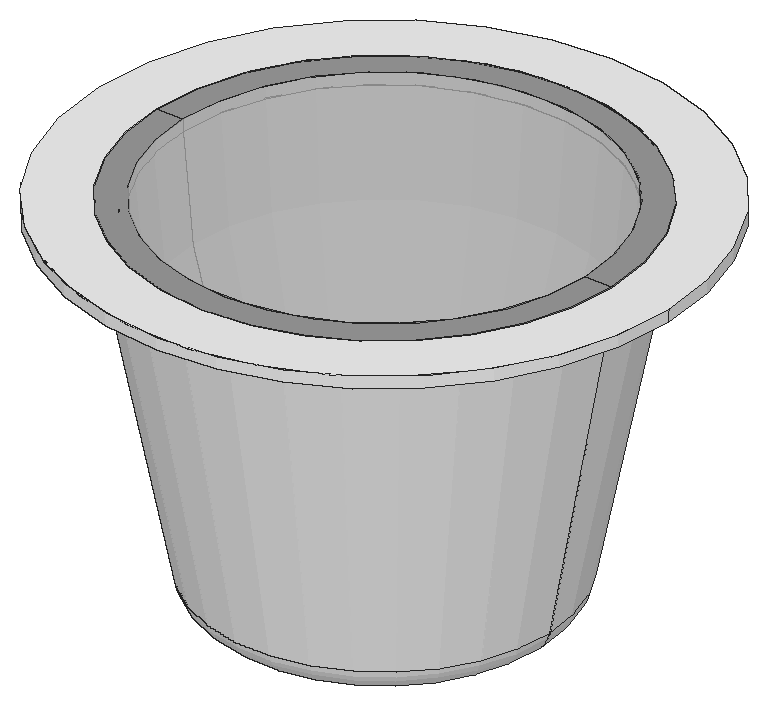
Revit family "2059096 Lighting Fixture_Sylvania_Ascent 100 Arch(120)- Very High Output_Ceiling Recessed", category Lighting Fixtures, host Face, Revit 2017
Family settings
  Host = Face
  Round Connector Dimension = Use Diameter
  Part Type = Normal
  OmniClass Number = 23.80.70.11.17
  OmniClass Title = Specialized Lighting by Location or Use
  Cut with Voids When Loaded = No
  Light Source = Yes
  Shared = No
  Room Calculation Point = No
Parameters (values of type "Ascent100 Arch VHO 4K DALI 120")
  Reflector Radius = Radius - 15.0 mm  # 60.0 mm
  Reflector Material = Aluminium_Sylvania_Ascent_Silver
  Radius = 75.0 mm
  Life = "50 000h"  # constant formula
  IP Rating = "IP44"  # constant formula
  IK Rating = "IK02"  # constant formula
  Height = 94.0 mm
  Wattage = 11.8316 W
  built-in parameter 1150110 = 1 (stored number, unit not read)
  Voltage Comments = "UNV (Universal Voltage; 220-240 Volt)"  # constant formula
  Voltage = 240 V  # constant formula
  URL = "https://www.sylvania-lighting.com/"
  built-in parameter 1114217 = 1 (stored number, unit not read)
  Tilt Angle = -90°
  built-in parameter 1150109 = 1 (stored number, unit not read)
  built-in parameter 1150134 = 12
  built-in parameter 1150113 = 1 (stored number, unit not read)
  Product Page URL = "https://www.sylvania-lighting.com/product/en-int/products/2059096"
  Product Family = "Ascent 100 Arch (120) - Very High Output"  # constant formula
  Photometry Comments = ""
  Photometric Web File = "2059096_Ascent100ArchVHO4KDALI120-188541.ies"
  Glow Wire Test = 850 °C
  Emit from Circle Diameter = 2 * Diffuser Radius  # 106.0 mm
  Emit Shape Visible in Rendering = no
  Drive Current = "700mA"  # constant formula
  Diffuser Radius = Reflector Radius - 7.0 mm  # 53.0 mm
  Diffuser Material = Polycarbonate_Sylvania_Ascent_Clear
  Diameter = 2 * Radius  # 150.0 mm
  Cutout Diameter = Diameter - 13.0 mm  # 137.0 mm
  built-in parameter 1114216 [instance] = 1 (stored number, unit not read)
  Model = "Ascent100 Arch VHO 4K DALI 120"
  Manufacturer = "Feilo-Sylvania Group"
  built-in parameter 1150105 = 664.44 (stored number, unit not read)
  Lumens = 1197 lm
  built-in parameter 1150115 = 1 (stored number, unit not read)
  built-in parameter 1150137 = (empty or 0)
  built-in parameter 1150139 = (empty or 0)
  built-in parameter 1150112 = 1 (stored number, unit not read)
  built-in parameter 1150114 = 1 (stored number, unit not read)
  Lamp = "Integrated LED"
  built-in parameter 1150132 = 2
  built-in parameter 1150102 = (empty or 0)
  built-in parameter 1150107 = 4000 (stored number, unit not read)
  built-in parameter 1150138 = (empty or 0)
  built-in parameter 1150106 = 6.6444 (stored number, unit not read)
  Body Material = Aluminum_Sylvania_Ascent_White
  built-in parameter 1150104 = 9.399 (stored number, unit not read)
  Dimming Lamp Color Temperature Shift = <None>
  Description = "Direct LED retro fit for original LED 100 Arch (120) single CFL lamp offering Matching lumen levels and improved light distribution of original LED 100 CFL lamp equivalents Typically half the power consumption compared to CFL Up to 104lm/W 120mm aperture Architectural reflector accepts range of glass accessories from existing LED 100 Arch 120 offering HE, HO and VHO versions equivalent of single 1 x 13W, 1 x 18W, 1 x 26W Additional VVHO versions which offer the performance circa 2 x 26W equivalent"  # constant formula
  Default Elevation = 0.0 mm
  Color Filter = 16777215
  Catalog Number = "2059096 Ascent100 Arch VHO 4K DALI 120"
  built-in parameter 1140040 [instance] = 1
  built-in parameter 1114218 = 1 (stored number, unit not read)
  built-in parameter 1150133 = 10 (stored number, unit not read)
  Assembly Code = "D5020200"
  Apparent Load Comments = ""
  Apparent Load = 13 VA
  Aperture = 2 * Reflector Radius  # 120.0 mm
  Accessory Material = Aluminum_Sylvania_Ascent_White
Reference planes
  plane 1 "Center (Front/Back)": y = 0
  plane 2: z = 0
  plane 3 "Center (Left/Right)": x = 0
  plane 4 "Fixture Bottom": z = 3
  plane 5: z = -52.5
  plane 6 "Fixture Top": z = -91
Forms (mm)
  Extrusion 1, solid, material "Aluminum_Sylvania_Ascent_White" <- "Accessory Material", detail levels fine
    sketch origin (0, 0, 0) x (1, 0, 0) y (0, 1, 0)
      loop
        circle (0, 0) r 75
      loop
        circle (0, 0) r 60
    from 0 to 3
  Extrusion 2, void
    sketch origin (0, 0, 0) x (1, 0, 0) y (0, 1, 0)
      loop
        circle (0, 0) r 68.5
    from -91 to 3
  Revolve 3, solid, material "Aluminum_Sylvania_Ascent_White" <- "Body Material", detail levels fine
    sketch origin (0, 0, 0) x (1, 0, 0) y (0, 0, 1)
      loop
        line (0, -91.073) -> (0, -89.023) -> (-35.468, -89.014)
        arc (-35.468, -89.014) -> (-39.352, -87.613) -> (-41.54, -84.139) r 6.307
        line (-41.54, -84.139) -> (-57.991, -2.844) -> (-57.991, 0) -> (-60, 0) -> (-60, -3) -> (-43.5, -84.536)
        arc (-43.5, -84.536) -> (-40.643, -89.203) -> (-35.5, -91.073) r 8.291
        line (-35.5, -91.073) -> (0, -91.073)
      axis (0, 0) -> (0, -91.073)
    angle from 0 to 360
  Revolve 4, solid, material "Aluminium_Sylvania_Ascent_Silver" <- "Reflector Material", detail levels fine
    sketch origin (0, 0, 0) x (1, 0, 0) y (0, 0, 1)
      loop
        line (-60, 3) -> (-60, 0) -> (-55, 0)
        arc (-55, 0) -> (-52.349, -26.77) -> (-44.5, -52.5) r 136.5
        line (-44.5, -52.5) -> (-38, -52.5)
        arc (-38, -52.5) -> (-36.857, -61.521) -> (-33.5, -69.971) r 36.166
        line (-33.5, -69.971) -> (0, -69.971) -> (0, -50.5) -> (-43.16, -50.5)
        arc (-43.16, -50.5) -> (-50.517, -25.725) -> (-53, 0) r 134.5
        line (-53, 0) -> (-53, 3) -> (-60, 3)
      axis (0, 3) -> (0, -69.971)
    angle from 0 to 360
  Extrusion 5, solid, material "Polycarbonate_Sylvania_Ascent_Clear" <- "Diffuser Material", detail levels fine
    sketch origin (0, 0, 0) x (1, 0, 0) y (0, 1, 0)
      loop
        circle (0, 0) r 53
    from 0 to 3
  Revolve 6, solid, material "Aluminum_Sylvania_Ascent_White" <- "Accessory Material", detail levels coarse+medium
    sketch origin (0, 0, 0) x (1, 0, 0) y (0, 0, 1)
      loop
        line (0, -91.073) -> (0, 3) -> (-75, 3) -> (-75, 0) -> (-60, 0) -> (-60, -3) -> (-43.5, -84.536)
        arc (-43.5, -84.536) -> (-40.643, -89.203) -> (-35.5, -91.073) r 8.291
        line (-35.5, -91.073) -> (0, -91.073)
      axis (0, 3) -> (0, -91.073)
    angle from 0 to 360
Dimensions and locks
  locked: plane 4 "Fixture Bottom" to plane 2 at 3
  "Height": plane 4 "Fixture Bottom" to plane 6 "Fixture Top"
  "Reflector Radius": plane 3 "Center (Left/Right)" to Revolve 4 sketch curve
  locked: Revolve 4 sketch curve to Revolve 4 sketch curve at 15.5
  locked: Revolve 4 sketch curve to Revolve 4 sketch curve at 5
  locked: Revolve 4 sketch curve to Revolve 4 sketch curve at 7
  locked: Revolve 4 sketch curve to Revolve 4 sketch curve at 22
  locked: Revolve 4 sketch curve to Revolve 4 sketch curve at 26.5
  locked: Revolve 3 sketch curve to Revolve 3 sketch curve at 16.5
  locked: Revolve 3 sketch curve to Revolve 3 sketch curve at 24.5
  "Reflector Radius": Revolve 3 sketch curve to plane 3 "Center (Left/Right)"
  locked: Revolve 3 sketch curve to plane 6 "Fixture Top" at 6.464
  locked: plane 2 to Revolve 3 sketch curve at 3
  locked: Revolve 3 sketch curve to Revolve 3 sketch curve at 2
  locked: Revolve 3 sketch curve to Revolve 3 sketch curve at 2.009
  locked: plane 2 to plane 5 at 52.5
  locked: Revolve 6 sketch curve to Revolve 6 sketch curve at 31.5
  locked: Revolve 6 sketch curve to Revolve 6 sketch curve at 39.5
  locked: Revolve 6 sketch curve to Revolve 6 sketch curve at 15
  "Radius": plane 3 "Center (Left/Right)" to Revolve 6 sketch curve
  "Cutout Diameter": diameter of Extrusion 2 sketch curve
  "Reflector Radius": radius of Extrusion 1 sketch curve
  "Diffuser Radius": radius of Extrusion 5 sketch curve
  "Radius": radius of Extrusion 1 sketch curve
  aligned and locked: host face to plane 2
  aligned and locked: host face to level
  aligned and locked: plane 1 "Center (Front/Back)" to imposter light
  aligned and locked: plane 3 "Center (Left/Right)" to imposter light
  aligned and locked: plane 4 "Fixture Bottom" to Extrusion 1
  aligned and locked: Extrusion 1 to plane 2
  aligned and locked: Revolve 3 sketch curve to plane 3 "Center (Left/Right)"
  aligned and locked: Revolve 4 sketch curve to plane 3 "Center (Left/Right)"  (x2)
  aligned and locked: plane 4 "Fixture Bottom" to Revolve 4 sketch curve
  aligned and locked: Revolve 3 sketch curve to imposter light
  aligned and locked: Extrusion 5 to plane 2
  aligned and locked: imposter light to Extrusion 5
  aligned and locked: plane 2 to Revolve 3 sketch curve  (x2)
  aligned and locked: Revolve 6 sketch curve to imposter light
  aligned and locked: Revolve 6 sketch curve to plane 3 "Center (Left/Right)"
  aligned and locked: plane 6 "Fixture Top" to Extrusion 2
  aligned and locked: imposter light to Extrusion 2
  aligned and locked: imposter light to plane 4 "Fixture Bottom"
Automatic sketch dimensions
  plane 1 "Center (Front/Back)" to Extrusion 2 sketch curve = 0.0 mm
  Extrusion 2 sketch curve to plane 3 "Center (Left/Right)" = 0.0 mm
  Extrusion 1 sketch curve to Extrusion 1 sketch curve = 0.0 mm  (x2)
  plane 1 "Center (Front/Back)" to Extrusion 1 sketch curve = 0.0 mm
  Extrusion 1 sketch curve to plane 3 "Center (Left/Right)" = 0.0 mm
  plane 6 "Fixture Top" to Revolve 3 sketch curve = 0.073 mm
  Revolve 3 sketch curve to plane 6 "Fixture Top" = 6.861 mm
  Revolve 3 sketch curve to Revolve 3 sketch curve = 0.003 mm
  Revolve 3 sketch curve to Revolve 3 sketch curve = 0.009 mm  (x2)
  Revolve 3 sketch curve to Revolve 3 sketch curve = 0.023 mm
  Revolve 3 sketch curve to Revolve 3 sketch curve = 0.072 mm
  Revolve 3 sketch curve to Revolve 3 sketch curve = 0.008 mm
  Revolve 3 sketch curve to plane 6 "Fixture Top" = 1.977 mm
  Revolve 3 sketch curve to Revolve 3 sketch curve = 33.496 mm
  Revolve 3 sketch curve to Revolve 3 sketch curve = 0.028 mm
  plane 4 "Fixture Bottom" to Revolve 3 sketch curve = 82.431 mm
  Revolve 4 sketch curve to Revolve 4 sketch curve = 0.0 mm  (x2)
  Revolve 4 sketch curve to plane 5 = 0.0 mm
  Revolve 4 sketch curve to level = 0.0 mm
  plane 5 to Revolve 4 sketch curve = 2.0 mm
  plane 4 "Fixture Bottom" to Revolve 4 sketch curve = 9.642 mm
  plane 1 "Center (Front/Back)" to Extrusion 5 sketch curve = 0.0 mm
  Extrusion 5 sketch curve to plane 3 "Center (Left/Right)" = 0.0 mm
  Revolve 4 sketch curve to level = 69.971 mm
  Revolve 4 sketch curve to Revolve 4 sketch curve = 2.387 mm
  Revolve 6 sketch curve to level = 0.0 mm
  Revolve 6 sketch curve to plane 3 "Center (Left/Right)" = 0.0 mm
  Revolve 6 sketch curve to Revolve 6 sketch curve = 8.104 mm
  Revolve 6 sketch curve to level = 3.0 mm
  Revolve 6 sketch curve to plane 6 "Fixture Top" = 6.464 mm
  plane 6 "Fixture Top" to Revolve 6 sketch curve = 0.073 mm
  Revolve 6 sketch curve to Revolve 6 sketch curve = 33.496 mm
  plane 4 "Fixture Bottom" to Revolve 6 sketch curve = 82.431 mm
  host sketch curve to host sketch curve = 1368.192 mm
  host sketch curve to host sketch curve = 1600.367 mm
Connectors
  electrical at (0, 0, -91.073), driven by "Voltage", driven by "Apparent Load"
    settings: on Revolve 3, index 1, voltage 240 V, apparent load 0 VA, apparent load phase1 13 VA, apparent load phase2 0 VA, apparent load phase3 0 VA, power factor 1, load classification "Lighting", number of poles 1, system type 31, power factor state 1, is connector primary yes, connector utility no, sub classification motor no, connector description ""
